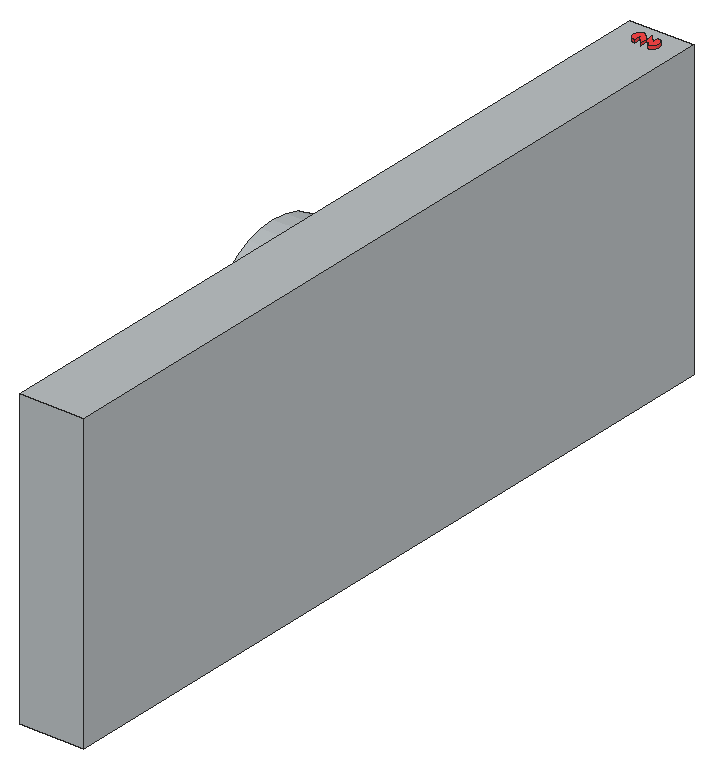
Revit family "NLRS_57_AIR_UN_plenum_linear-ceiling-grill-soooxx-for-stxr_supply_LT_sacs", category Air Terminals, Revit 2021
Family settings
  Round Connector Dimension = Use Diameter
  Part Type = Normal
  Work Plane-Based = No
  Always vertical = Yes
  Cut with Voids When Loaded = No
  Shared = No
  Room Calculation Point = Yes
Parameters (values of type "600")
  URL = "https://solid-air.nl/producten/solid-air-plafondroosters-star-stbr/"
  Type Comments = "Standard plenums for Line grill STxR"  # constant formula
  Swap_Arrows [instance] = no
  Slots (1-2) [instance] = 1
  SACS_West_Arrow [instance] = and(or([Pattern (0-2)] > 1, and([Pattern (0-2)] < 1, not(Swap_Arrows)), and([Pattern (0-2)] = 1, Swap_Arrows)), SACS_Show_Arrows)  # yes
  SACS_Type_Mark [instance] = ""
  SACS_Show_Symbol [instance] = yes
  SACS_Show_Arrows [instance] = yes
  SACS_Plenum_Offset [instance] = if(SACS_Index3 = 2 mm, 10 mm, 17.6 mm) + 4.5 mm  # 22.1 mm
  SACS_Plenum_L [instance] = NLRS_C_lengte - 12 mm  # 588 mm
  SACS_Plenum_H [instance] = 95 mm + NLRS_M_c01_diameter + 25 mm + 4.5 mm  # 249.5 mm
  SACS_Plenum_B [instance] = 48.8 mm + (SACS_Index1 - 1 mm) * 43.3  # 48.8 mm
  SACS_Option_4 [instance] = if([Slots (1-2)] < 2, "Single slot", "2 slots")  # "Single slot"
  SACS_Option_3_Value [instance] = if(SACS_Index3 = 4 mm, 5, 2)  # 5
  SACS_Option_3 [instance] = if([Brackets (0-1)] > 0, "B = Plenum bracket B", "O = None")  # "O = None"
  SACS_Option_2 [instance] = if([Plenum_Type (1-2)] < 2, "R = Lined", "U = Plain")  # "R = Lined"
  SACS_Option_1 [instance] = "SOOO"  # constant formula
  SACS_Offset1 [instance] = 99.5 mm + (SACS_Diameter / 2) + 4.5 mm  # 165.5 mm
  SACS_Model [instance] = size_lookup(SACS_Data_Hidden, "Model", "NB", NLRS_C_lengte, SACS_Index1, SACS_Index2, SACS_Index3)  # "SOOORO 600-1"
  SACS_Index3 [instance] = if([Brackets (0-1)] < 1, 4, 1) * 1 mm  # 4 mm
  SACS_Index2 [instance] = if([Plenum_Type (1-2)] < 2, 1 mm, 2 mm)  # 1 mm
  SACS_Index1 [instance] = if([Slots (1-2)] < 2, 1 mm, 2 mm)  # 1 mm
  SACS_Flow_Pattern [instance] = if([Pattern (0-2)] < 1, "Left", if([Pattern (0-2)] = 1, "Right", "Left + Right"))  # "Left + Right"
  SACS_East_Arrow [instance] = and(or([Pattern (0-2)] > 1, and([Pattern (0-2)] = 1, not(Swap_Arrows)), and([Pattern (0-2)] < 1, Swap_Arrows)), SACS_Show_Arrows)  # yes
  SACS_Dummy = 1  # constant formula
  SACS_Diameter [instance] = NLRS_M_c01_diameter - 2 mm  # 123 mm
  SACS_Data_Hidden = "SOOOxx"  # constant formula
  SACS_Base_Index = 1
  SACS_Article_Code [instance] = size_lookup(SACS_Data_Hidden, "ArticleCode", "NB", NLRS_C_lengte, SACS_Index1, SACS_Index2, SACS_Index3)  # "8101000175"
  SACS_Array_End [instance] = SACS_Array_Base * SACS_Array_Count * 2  # 400 mm
  SACS_Array_Count [instance] = if(NLRS_C_lengte > 1200 mm, 3, 2)  # 2
  SACS_Array_Base [instance] = NLRS_C_lengte / (SACS_Array_Count + 1) / 2  # 100 mm
  SA-Select [instance] = "https://selectietool.solid-air.nl/Dashboard/CPMDashPage/Show/7"
  Plenum_Type (1-2) [instance] = 1
  Plenum_Material = NLRS_57_sendzimir verzinkt_gen_sacs
  Pattern (0-2) [instance] = 2
  NLRS_M_c01_drukverlies_statisch [instance] = 0.0 Pa
  NLRS_M_c01_diameter [instance] = size_lookup(SACS_Data_Hidden, "Diam", 125 mm, NLRS_C_lengte, SACS_Index1, SACS_Index2, SACS_Index3)  # 125 mm
  NLRS_M_c01_debiet [instance] = 0.0 L/s
  NLRS_C_model [instance] = SACS_Model  # "SOOORO 600-1"
  NLRS_C_lengte [instance] = if(SACS_Base_Index = 1, 600 mm, if(SACS_Base_Index = 2, 750 mm, if(SACS_Base_Index = 3, 900 mm, if(SACS_Base_Index = 4, 1200 mm, if(SACS_Base_Index = 5, 1500 mm, 1800 mm)))))  # 600 mm
  NLRS_C_hoogte [instance] = SACS_Plenum_H * SACS_Dummy  # 249.5 mm
  NLRS_C_gtin_code [instance] = size_lookup(SACS_Data_Hidden, "GTIN", "NB", NLRS_C_lengte, SACS_Index1, SACS_Index2, SACS_Index3)  # "NB"
  NLRS_C_description = Description  # "Solid Air plenum for line Diffuser"
  NLRS_C_content_versie = "2.21.01"  # constant formula
  NLRS_C_content_provider = "Solid Air Climate Solutions"  # constant formula
  NLRS_C_content_datum_gewijzigd = "11-03-2024"  # constant formula
  NLRS_C_content_creator = "J.Feeke"  # constant formula
  NLRS_C_breedte [instance] = 52 mm + (SACS_Index1 - 1 mm) * 43.3  # 52 mm
  Model = "Standard plenums for STxR"  # constant formula
  Min Flow = 0.0 L/s
  Max Flow = 0.0 L/s
  Manufacturer = "Solid Air Climate Solutions"  # constant formula
  Description = "Solid Air plenum for line Diffuser"  # constant formula
  Default Elevation = 2700 mm
  Brackets (0-1) [instance] = 0
  Assembly Code = "57.00"
Types (7, lengths in mm): name | SACS_Plenum_L | SACS_Plenum_H | SACS_Offset1 | SACS_Model | SACS_Diameter | SACS_Base_Index | SACS_Article_Code | SACS_Array_End | SACS_Array_Count | SACS_Array_Base | NLRS_M_c01_diameter | NLRS_C_model | NLRS_C_lengte | NLRS_C_hoogte
  (no name) | 588 | 249.5 | 165.5 | "SOOORO 600-1" | 123 | 1 | "8101000175" | 400 | 2 | 100 | 125 | "SOOORO 600-1" | 600 | 249.5
  600 | 588 | 249.5 | 165.5 | "SOOORO 600-1" | 123 | 1 | "8101000175" | 400 | 2 | 100 | 125 | "SOOORO 600-1" | 600 | 249.5
  750 | 738 | 249.5 | 165.5 | "SOOORO 750-1" | 123 | 2 | "8101000176" | 500 | 2 | 125 | 125 | "SOOORO 750-1" | 750 | 249.5
  900 | 888 | 249.5 | 165.5 | "SOOORO 900-1" | 123 | 3 | "8101000177" | 600 | 2 | 150 | 125 | "SOOORO 900-1" | 900 | 249.5
  1200 | 1188 | 284.5 | 183 | "SOOORO 1200-1" | 158 | 4 | "8101000178" | 800 | 2 | 200 | 160 | "SOOORO 1200-1" | 1200 | 284.5
  1500 | 1488 | 284.5 | 183 | "SOOORO 1500-1" | 158 | 5 | "8101000179" | 1125 | 3 | 187.5 | 160 | "SOOORO 1500-1" | 1500 | 284.5
  1800 | 1788 | 324.5 | 203 | "SOOORO 1800-1" | 198 | 6 | "8101000180" | 1350 | 3 | 225 | 200 | "SOOORO 1800-1" | 1800 | 324.5
Reference planes
  plane 1 "Center (Front/Back)": y = 0
  plane 2: z = 0
  plane 3 "Center (Left/Right)": x = 0
  plane 4: y = 300
  plane 5: y = -300
  plane 6: y = 294
  plane 7: y = -294
  plane 8: x = -24.4
  plane 9: x = 24.4
  plane 10: x = -26
  plane 11: x = 26
  plane 12: x = -76
  plane 13: x = 76
  plane 14: z = 22.1
  plane 15: z = 165.5
  plane 16 "Top": z = 249.5
  plane 17: y = -200
  plane 18: y = 200
Forms (mm)
  Extrusion 1, solid, material "NLRS_57_sendzimir verzinkt_gen_sacs" <- "Plenum_Material", detail levels medium+fine
    sketch origin (0, 0, 0) x (1, 0, 0) y (0, 0, 1)
      loop
        line (-24.4, 249.5) -> (-24.4, 22.1) -> (24.4, 22.1) -> (24.4, 249.5) -> (-24.4, 249.5)
    from -294 to 294
  Extrusion 2, solid, material "NLRS_57_sendzimir verzinkt_gen_sacs" <- "Plenum_Material", detail levels medium+fine
    sketch origin (0, 0, 0) x (0, 1, 0) y (0, 0, 1)
      loop
        circle (0, 165.5) r 61.5
    from -64.4 to -24.4
Lines and regions (mm)
  model lines, visible <- "SACS_Show_Symbol", detail levels coarse
    curve 1: line (-26, 300, 0) -> (26, 300, 0)
    curve 2: line (-26, -300, 0) -> (-26, 300, 0)
    curve 3: line (26, -300, 0) -> (-26, -300, 0)
    curve 4: line (26, 300, 0) -> (26, -300, 0)
    curve 5: line (-26, 300, 0) -> (26, -300, 0)
    curve 6: line (-26, -300, 0) -> (26, 300, 0)
Dimensions and locks
  equal spacing: plane 5, plane 1 "Center (Front/Back)", plane 4
  "NLRS_C_lengte": plane 5 to plane 4
  equal spacing: plane 6, plane 1 "Center (Front/Back)", plane 7
  "SACS_Plenum_L": plane 6 to plane 7
  equal spacing: plane 10, plane 3 "Center (Left/Right)", plane 11
  "NLRS_C_breedte": plane 10 to plane 11
  "SACS_Plenum_B": plane 8 to plane 9
  equal spacing: plane 8, plane 3 "Center (Left/Right)", plane 9
  locked: plane 12 to plane 10 at 50
  locked: plane 11 to plane 13 at 50
  "SACS_Plenum_Offset": plane 14 to plane 2
  "SACS_Plenum_H": plane 16 "Top" to plane 2
  "SACS_Offset1": plane 15 to plane 2
  locked: Extrusion 2 to plane 8 at 40
  "SACS_Array_Base": plane 5 to plane 17
  "SACS_Array_End": plane 18 to plane 17
  group 1 to group 2 = 0 mm  (x2)
  group 1 to group 2 = 400 mm
  group 3 to group 4 = 0 mm  (x2)
  group 3 to group 4 = 400 mm
  group 5 to group 6 = 0 mm  (x2)
  group 5 to group 6 = 400 mm
  locked: plane 6 to nested 7 at 15
  "SACS_Diameter": diameter of Extrusion 2 sketch curve
  aligned and locked: level to plane 2
  aligned and locked: plane 8 to Extrusion 1 sketch curve
  aligned and locked: Extrusion 1 sketch curve to plane 9
  aligned and locked: plane 14 to Extrusion 1 sketch curve
  aligned and locked: Extrusion 1 sketch curve to plane 16 "Top"
  aligned and locked: plane 6 to Extrusion 1
  aligned and locked: Extrusion 1 to plane 7
  aligned and locked: plane 15 to Extrusion 2 sketch curve
  aligned and locked: plane 1 "Center (Front/Back)" to Extrusion 2 sketch curve
  aligned and locked: plane 8 to Extrusion 2
  aligned and locked: plane 17 to nested 2
  aligned and locked: nested 1 to plane 17
  aligned and locked: plane 13 to nested 1
  aligned and locked: nested 2 to plane 12
  aligned and locked: nested 3 to plane 12  (x2)
  aligned and locked: plane 18 to nested 3  (x2)
  aligned and locked: plane 13 to nested 4  (x2)
  aligned and locked: curve 2 to plane 10
  aligned and locked: plane 4 to curve 1
  aligned and locked: curve 3 to plane 5
  aligned and locked: plane 11 to curve 4
  aligned and locked: plane 3 "Center (Left/Right)" to nested 5
  aligned and locked: nested 5 to plane 17
  aligned and locked: nested 6 to plane 18
  aligned and locked: plane 3 "Center (Left/Right)" to nested 7
  aligned and locked: nested 4 to plane 18
Nested families
  nested 1: "Arrow" at (76, -200, 0), visible <- "SACS_East_Arrow", type "Arrow"
  nested 2: "Arrow" at (-76, -200, 0) x (-1, 0, 0) z (0, 0, 1), visible <- "SACS_West_Arrow", type "Arrow"
  nested 3: "Arrow" at (-76, 200, 0) x (-1, 0, 0) z (0, 0, 1), visible <- "SACS_West_Arrow", type "Arrow"
  nested 4: "Arrow" at (76, 200, 0), visible <- "SACS_East_Arrow", type "Arrow"
  nested 5: "bracket" at (0, -200, -4.5), type "bracket"
    with Type_A no, Bracket 5
  nested 6: "bracket" at (0, 200, -4.5), type "bracket"
    with Type_A no, Bracket 5
  nested 7: "logo_SACS" at (0, 279, 249.5), type "logo_SACS"
    with t 5 mm
Connectors
  hvac at (-24.4, 0, 165.5), driven by "NLRS_M_c01_diameter", driven by "NLRS_M_c01_debiet", driven by "NLRS_M_c01_drukverlies_statisch"
    settings: on Extrusion 2, index 1, duct flow 0.0 L/s, flow factor 0, pres drop 0.0 Pa, loss coef 0, conn angle 0.00°, conn width 304.8 mm, conn height 304.8 mm, conn diameter 125 mm, duct sys type 1, conn prof type 0, flow config 1, flow direction 1, loss method 4, conn ref index -1, conn util no, is conn primary yes, conn desc ""
Definition of nested family "logo_SACS"
  Parameters (values of type "logo_SACS")
    t = 2 mm
    Model = "LOD 400"
    Description = "Model type"
    Default Elevation = 1219.2 mm
  Reference planes
    plane 1 "Center (Front/Back)": y = 0
    plane 2: z = 0
    plane 3 "Center (Left/Right)": x = 0
    plane 4: z = 2
    plane 5: x = -4
    plane 6: y = -2
    plane 7: y = 2
    plane 8: x = -2
    plane 9: x = 2
    plane 10: x = 4
  Forms (mm)
    Extrusion 1, solid
      sketch origin (-547.644, -297.937, 0) x (1, 0, 0) y (0, 1, 0)
        loop
          arc (545.644, 299.937) -> (543.644, 297.937) -> (545.644, 295.937) r 2
          line (545.644, 295.937) -> (545.644, 297.937) -> (547.644, 295.937) -> (547.644, 297.937) -> (545.644, 299.937)
      from 0 to 2
    Extrusion 2, solid
      sketch origin (0, 0, 0) x (1, 0, 0) y (0, 1, 0)
        loop
          arc (2, -2) -> (4, 0) -> (2, 2) r 2
          line (2, 2) -> (2, 0) -> (0, 2) -> (0, 0) -> (2, -2)
      from 0 to 2
  Dimensions and locks
    "t": plane 7 to plane 1 "Center (Front/Back)"
    "t": plane 6 to plane 1 "Center (Front/Back)"
    "t": plane 5 to plane 8
    "t": plane 8 to plane 3 "Center (Left/Right)"
    "t": plane 3 "Center (Left/Right)" to plane 9
    "t": plane 9 to plane 10
    aligned and locked: level to plane 2
    aligned and locked: plane 4 to Extrusion 1
  Automatic sketch dimensions
    plane 1 "Center (Front/Back)" to Extrusion 1 sketch curve = 0 mm  (x3)
    Extrusion 1 sketch curve to plane 8 = 0 mm
    Extrusion 1 sketch curve to plane 7 = 0 mm
    Extrusion 1 sketch curve to plane 3 "Center (Left/Right)" = 0 mm
    Extrusion 1 sketch curve to plane 6 = 0 mm
    Extrusion 2 sketch curve to plane 3 "Center (Left/Right)" = 0 mm
    plane 1 "Center (Front/Back)" to Extrusion 2 sketch curve = 0 mm  (x3)
    Extrusion 2 sketch curve to plane 6 = 0 mm
    Extrusion 2 sketch curve to plane 9 = 0 mm
    Extrusion 2 sketch curve to plane 7 = 0 mm
Definition of nested family "Arrow"
  Parameters (values of type "Arrow")
    Offset = 400 mm
    Arrow_Length = 175 mm  # constant formula
  Reference planes
    plane 1 "Center (Front/Back)": y = 0
    plane 2: z = 0
    plane 3 "Center (Left/Right)": x = 0
    plane 4: x = 175
    plane 5: y = 0
    plane 6: x = 175
    plane 7: x = 0
    plane 8: y = 0
  Lines and regions (mm)
    Filled region 1, type "Solid Fill - Black", in view "Ref. Level"
      outline origin (0, 0, 0) x (0, -1, 0) y (1, 0, 0)
        loop
          line (0, 175) -> (-21.131, 129.685) -> (21.131, 129.685) -> (0, 175)
    detail lines, in view "Ref. Level"
      curve 1: line (0, 0, 0) -> (152.343, 0, 0)
  Dimensions and locks
    locked: plane 3 "Center (Left/Right)" to plane 7
    locked: plane 8 to plane 1 "Center (Front/Back)" at 0
    locked: Filled region 1 sketch curve to Filled region 1 sketch curve at 50  (x2)
    "Arrow_Length": plane 3 "Center (Left/Right)" to plane 6
    locked: Filled region 1 sketch curve to curve 1 (angle 25.00°)
    locked: curve 1 to Filled region 1 sketch curve (angle 25.00°)
  Automatic sketch dimensions
    plane 1 "Center (Front/Back)" to Filled region 1 sketch curve = 0 mm
    Filled region 1 sketch curve to plane 4 = 45.315 mm
    plane 1 "Center (Front/Back)" to curve 1 = 0 mm
    curve 1 to plane 3 "Center (Left/Right)" = 0 mm
    curve 1 to plane 4 = 22.657 mm
Definition of nested family "bracket"
  Parameters (values of type "bracket")
    slots = 1
    count = if(slots < 1, 0, (slots - 1)) * Dummy  # 0
    Type_D = Bracket = 4  # no
    Type_CD = or(Type_C, Type_D)  # no
    Type_C = Bracket = 3  # no
    Type_B = Bracket = 2  # no
    Type_A = Bracket = 1  # yes
    Material = none
    Dummy = 1  # constant formula
    Diameter = 125 mm
    Default Elevation = 0 mm
    Ceiling = 5 mm
    Bracket = 1
  Reference planes
    plane 1 "Center (Front/Back)": y = 0
    plane 2: z = 0
    plane 3 "Center (Left/Right)": x = 0
    plane 4: y = 7.5
    plane 5: y = -7.5
  Forms (mm)
    Sweep 1, solid, material <- "Material", visible <- "Type_A", detail levels medium+fine
      path in 3D
        loop
          line (0, 7.5, 32.8) -> (0, -7.5, 32.8)
      profile "Profile_A : Profile_A" origin (0, 0, 32.8) x (0, 0, -1) y (1, 0, 0)
        loop
          line (-17.25, 44.75) -> (-19.25, 44.75) -> (-19.25, 26.85) -> (16.42, 26.85) -> (18.67, 24.6) -> (12.3, 24.6) -> (12.3, 22.6) -> (28.25, 22.6) -> (28.25, 24.6) -> (21.5, 24.6) -> (17.25, 28.85) -> (-17.25, 28.85) -> (-17.25, 44.75)
        loop
          line (-17.25, -44.75) -> (-17.25, -28.85) -> (17.25, -28.85) -> (21.5, -24.6) -> (28.25, -24.6) -> (28.25, -22.6) -> (12.3, -22.6) -> (12.3, -24.6) -> (18.67, -24.6) -> (16.42, -26.85) -> (-19.25, -26.85) -> (-19.25, -44.75) -> (-17.25, -44.75)
    Sweep 2, solid, material <- "Material", visible <- "Type_B", detail levels medium+fine
      path in 3D
        loop
          line (0, 7.5, 32.8) -> (0, -7.5, 32.8)
      profile "Profile_B : Profile_B" origin (0, 0, 32.8) x (0, 0, -1) y (1, 0, 0)
        loop
          line (-216.75, 56.4) -> (-216.75, 24.4) -> (-184.75, 24.4) -> (-184.75, 26.4) -> (-214.75, 26.4) -> (-214.75, 56.4) -> (-216.75, 56.4)
        loop
          line (-216.75, -56.4) -> (-214.75, -56.4) -> (-214.75, -26.4) -> (-184.75, -26.4) -> (-184.75, -24.4) -> (-216.75, -24.4) -> (-216.75, -56.4)
    Sweep 3, solid, material <- "Material", visible <- "Type_CD", detail levels medium+fine
      path in 3D
        loop
          line (0, 7.5, 32.8) -> (0, -7.5, 32.8)
      profile "Profile_CD : Profile_CD" origin (0, 0, 32.8) x (0, 0, -1) y (1, 0, 0)
        loop
          line (-40.7, 25) -> (-40.7, -25) -> (18.3, -30.5) -> (18.3, -28.5) -> (-38.7, -23.55) -> (-38.7, 23.55) -> (18.3, 28.5) -> (18.3, 30.5) -> (-40.7, 25)
        loop
          arc (-25, -8.5) -> (-24.298, -10.428) -> (-22.521, -11.454) r 3
          line (-22.521, -11.454) -> (-2.826, -14.925)
          arc (-2.826, -14.925) -> (-2.234, -15.267) -> (-2, -15.91) r 1
          line (-2, -15.91) -> (-2, -20.5) -> (0, -20.5) -> (0, -15.91)
          arc (0, -15.91) -> (-0.702, -13.982) -> (-2.479, -12.956) r 3
          line (-2.479, -12.956) -> (-22.174, -9.485)
          arc (-22.174, -9.485) -> (-22.766, -9.143) -> (-23, -8.5) r 1
          line (-23, -8.5) -> (-23, 8.5)
          arc (-23, 8.5) -> (-22.766, 9.143) -> (-22.174, 9.485) r 1
          line (-22.174, 9.485) -> (-2.479, 12.956)
          arc (-2.479, 12.956) -> (-0.702, 13.982) -> (0, 15.91) r 3
          line (0, 15.91) -> (0, 20.5) -> (-2, 20.5) -> (-2, 15.91)
          arc (-2, 15.91) -> (-2.234, 15.267) -> (-2.826, 14.925) r 1
          line (-2.826, 14.925) -> (-22.521, 11.454)
          arc (-22.521, 11.454) -> (-24.298, 10.428) -> (-25, 8.5) r 3
          line (-25, 8.5) -> (-25, -8.5)
    Extrusion 4, solid, not visible
      sketch origin (-547.644, -297.937, 0) x (1, 0, 0) y (0, 1, 0)
        loop
          arc (545.644, 299.937) -> (543.644, 297.937) -> (545.644, 295.937) r 2
          line (545.644, 295.937) -> (545.644, 297.937) -> (547.644, 295.937) -> (547.644, 297.937) -> (545.644, 299.937)
      from 0 to 2
    Extrusion 5, solid, not visible
      sketch origin (0, 0, 0) x (1, 0, 0) y (0, 1, 0)
        loop
          arc (2, -2) -> (4, 0) -> (2, 2) r 2
          line (2, 2) -> (2, 0) -> (0, 2) -> (0, 0) -> (2, -2)
      from 0 to 2
  Lines and regions (mm)
    model lines, not visible
      curve 1: line (0, 7.5, 32.8) -> (0, -7.5, 32.8)
    sketch lines
      curve 2: line (0, 7.5, 32.8) -> (0, -7.5, 32.8)
      curve 3: line (0, 7.5, 32.8) -> (0, -7.5, 32.8)
      curve 4: line (0, 7.5, 32.8) -> (0, -7.5, 32.8)
  Dimensions and locks
    equal spacing: plane 5, plane 1 "Center (Front/Back)", plane 4
    locked: plane 4 to plane 5 at 15
    locked: plane 2 to curve 1 at 32.8
    aligned and locked: level to plane 2
    aligned and locked: plane 5 to curve 1
    aligned and locked: plane 4 to curve 1
  Automatic sketch dimensions
    plane 1 "Center (Front/Back)" to Extrusion 4 sketch curve = 0 mm  (x3)
    Extrusion 4 sketch curve to plane 3 "Center (Left/Right)" = 0 mm
    Extrusion 4 sketch curve to plane 3 "Center (Left/Right)" = 2 mm
    Extrusion 4 sketch curve to Extrusion 4 sketch curve = 2 mm  (x2)
    plane 1 "Center (Front/Back)" to Extrusion 5 sketch curve = 0 mm  (x3)
    Extrusion 5 sketch curve to plane 3 "Center (Left/Right)" = 0 mm
    Extrusion 5 sketch curve to Extrusion 5 sketch curve = 2 mm  (x2)
    Extrusion 5 sketch curve to Extrusion 5 sketch curve = 0 mm
